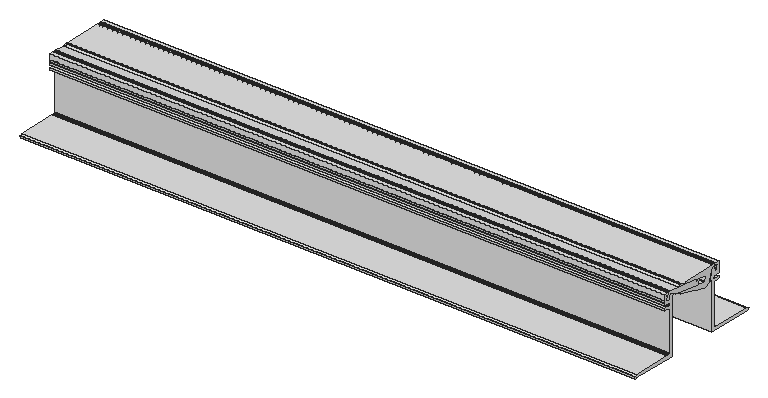
Revit family "Construction-Floors-Conecto-Aluminium Joints ALU AL.110.15", category Specialty Equipment, Revit 2015
Parameters (values of type "Aluminium Joints ALU AL.110.15.97")
  Youtube clip = ""
  Weight Net (Kg) = "0"
  Uniformat II Description = ""
  Uniformat II Code = ""
  Uniclass 2015 Name = "Roofs, floor and paving elements"
  Uniclass 2015 Code = "EF_30"
  Uniclass 2.0 Description = ""
  Uniclass 2.0 Code = ""
  Uniclass 1.4 Description = ""
  Uniclass 1.4 Code = ""
  UNSPSC Code = ""
  Technical description = "http://www.conecto-profiles.com/aluminium-joints/floor-joints/alu"
  Rubber Level = 0 mm
  Region South America = "None"
  Region Oceania = "None"
  Region North America = "None"
  Region Middle East = "None"
  Region Europe = "AD, AL, AT, AX, BA, BE, BG, BY, CH, CY, CZ, DE, DK, EE, ES, FI, FO, FR, GB, GG, GI, GR, HR, HU, IE, IM, IS, IT, JE, LI, LT, LU, LV, MC, MD, ME, MK, MT, NL, NO, PL, PT, RO, RS, RU, SE, SI, SJ, SK, SM, UA, VA"
  Region Asia = "None"
  Region Antarctica = "None"
  Region Africa = "None"
  QR code = "http://bimobject.com/conecto/product/110"
  Profile = Aluminium - CONECTO - Grey
  Product url = "http://www.conecto-profiles.com/aluminium-joints/floor-joints/alu"
  Product group = "Aluminum profiles"
  Product family = "Expansion profiles"
  Product data url = "https://bimobject.com/conecto/product/110"
  Product certification = ""
  Product SKU = "110"
  Product Guid = "a8f5ff3f-ce04-4fc9-affb-af9be4fd3c19"  # constant formula
  OmniClass Description = "Profiles"
  OmniClass Code = "23-13 17 00"
  Nominal width = 110 mm
  Nominal height = 0 mm
  NBS Reference Description = ""
  NBS Reference Code = ""
  N CV = no
  N = no
  Material secondary = ""
  Material main = "Aluminium"
  Masterformat 2014 Description = ""
  Masterformat 2014 Code = ""
  Manufacturer name = "Conecto"
  Manufacturer country = "Poland"
  Manufacturer = "Conecto"  # constant formula
  Length (mm) [instance] = [built-in parameter 1001306]  # 1000 mm
  built-in parameter 1001306 [instance] = 1000 mm
  Installation instructions = ""
  IFC Classification = "Building Element"
  GTIN code = ""
  Edition number = 1
  Design country = "Poland"
  Date of publishing = "10/18/2019"
  COBIe Type Category = ""
  Brand url = "http://www.profiledylatacyjne.com.pl/"
  BIMobject main category code = "construction"
  BIMobject main category = "Construction"
  BIMobject category code = "construction-floors"
  BIMobject category = "Decks, Slabs & Floors"
  97 CV = no
  97 = yes
  .87 CV = no
  .87 = no
  .77 CV = no
  .77 = no
  .62 CV = no
  .62 = no
  .52 CV = no
  .52 = no
  42 CV = no
  42 = no
  .30 CV = no
  .30 = no
  .22 CV = no
  .22 = no
  .15 CV = no
  .15 = no
  #CONST_.20-70 = 70 mm
  Void under Ref level [instance] = 10 mm
Reference planes
  plane 1 "Center (Front/Back)": y = 0
  plane 2: z = 0
  plane 3 "Left": x = 0
  plane 4 "Right": x = 1000
  plane 5: z = -10
  plane 6: z = 0
  plane 7: z = 4.5
Forms (mm)
  Extrusion 1, void
    sketch origin (0, 0, 0) x (0, 1, 0) y (0, 0, 1)
      loop
        line (47.009, 12.014) -> (-45.052, 12.014) -> (-45.052, -10) -> (47.009, -10) -> (47.009, 12.014)
    from 0 to 1000
Lines and regions (mm)
  reference lines
    curve 1: line (0, 0, 0) -> (1000, 0, 0)
Dimensions and locks
  "built-in parameter 1001306": plane 3 "Left" to plane 4 "Right"
  "Void under Ref level": plane 2 to plane 5
  "Rubber Level": plane 2 to plane 6
  aligned and locked: plane 4 "Right" to curve 1
  aligned and locked: plane 1 "Center (Front/Back)" to curve 1
  aligned and locked: plane 3 "Left" to curve 1
  aligned and locked: level to plane 2
  aligned and locked: plane 3 "Left" to nested 2
  aligned and locked: Extrusion 1 sketch curve to plane 5
  aligned and locked: Extrusion 1 to curve 1
Automatic sketch dimensions
  level to Extrusion 1 sketch curve = 12.014 mm
  plane 1 "Center (Front/Back)" to Extrusion 1 sketch curve = 45.052 mm
  Extrusion 1 sketch curve to plane 1 "Center (Front/Back)" = 47.009 mm
Nested families
  nested 1: "Standard" at (0, 0, 69.985), type "Standard"
  nested 2: "Rubber" at (0, 8.817, -9.595), type "Rubber"
  nested 3: "Standard" at (0, 0, 74.485), type "Standard", not visible
  nested 4: "Rubber" at (0, 8.817, -5.095), type "Rubber", not visible
Definition of nested family "Standard"
  Parameters (values of type "Standard")
    Space = 77.8 mm
    N CV = no
    N Base = or(N, N CV)  # no
    N = no
    Material = none
    Length = 1000 mm
    97 CV = no
    97 = yes
    87 CV = no
    87 = no
    77 CV = no
    77 = no
    62 CV = no
    62 = no
    52 CV = no
    .97 Base = or([97], [97 CV])  # yes
    .87 Base = or([87], [87 CV])  # no
    .77 Base = or([77], [77 CV])  # no
    .62 Base = or([62], [62 CV])  # no
    .52 Base = or([52], [52 CV])  # no
    52 = no
    42 CV = no
    .42 Base = or([42], [42 CV])  # no
    42 = no
    30 CV = no
    .15 Base = or([15], [15 CV])  # no
    .14 Base = or([30], [30 CV])  # no
    30 = no
    22 CV = no
    .22 Base = or([22], [22 CV])  # no
    22 = no
    15 CV = no
    .30 Base = or([30], [30 CV])  # no
    15 = no
  Reference planes
    plane 1 "Center (Front/Back)": y = 0
    plane 2: z = -84.674
    plane 3 "Center (Left/Right)": x = 0
    plane 4: x = 1000
    plane 5: y = -38.9
    plane 6: y = 38.9
    plane 7: z = 14.705
  Forms (mm)
    Extrusion 1, solid, material <- "Material", visible <- "97 CV"
      sketch origin (0, 265.991, -904.766) x (0, 1, 0) y (0, 0, 1)
        loop
          line (-209.273, 873.746) -> (-212.39, 873.746) -> (-212.39, 835.127) -> (-213.31, 834.792) -> (-217.177, 834.792) -> (-217.991, 834.496) -> (-218.068, 833.393) -> (-216.295, 831.491) -> (-215.767, 832.217) -> (-215.102, 832.736) -> (-214.17, 832.622) -> (-213.467, 831.722) -> (-213.117, 830.705) -> (-213.458, 829.814) -> (-214.266, 829.438) -> (-215.226, 829.573) -> (-215.226, 828.777) -> (-214.927, 827.908) -> (-214.87, 826.828) -> (-214.921, 825.864) -> (-215.061, 824.98) -> (-215.3, 824.148) -> (-215.759, 823.064) -> (-216.375, 822.529) -> (-219.602, 822.529) -> (-220.373, 823.216) -> (-220.153, 824.037) -> (-219.667, 824.758) -> (-219.315, 825.586) -> (-219.127, 826.401) -> (-219.18, 827.414) -> (-219.518, 828.454) -> (-219.975, 829.245) -> (-220.546, 829.816) -> (-221.2, 830.274) -> (-221.932, 830.57) -> (-222.773, 830.749) -> (-223.617, 830.749) -> (-224.398, 830.554) -> (-225.106, 830.209) -> (-225.771, 829.744) -> (-226.311, 829.144) -> (-226.776, 828.339) -> (-227.013, 827.513) -> (-227.073, 826.646) -> (-226.946, 825.742) -> (-226.608, 824.946) -> (-226.105, 824.227) -> (-221.316, 818.405) -> (-209.273, 818.405) -> (-209.273, 873.746)
      from 0 to 1000
    Extrusion 2, solid, material <- "Material", visible <- "87 CV"
      sketch origin (0, 265.988, -904.764) x (0, 1, 0) y (0, 0, 1)
        loop
          line (-209.273, 873.746) -> (-212.39, 873.746) -> (-212.39, 835.127) -> (-213.31, 834.792) -> (-217.177, 834.792) -> (-217.991, 834.496) -> (-218.068, 833.393) -> (-216.295, 831.491) -> (-215.767, 832.217) -> (-215.102, 832.736) -> (-214.17, 832.622) -> (-213.467, 831.722) -> (-213.117, 830.705) -> (-213.458, 829.814) -> (-214.266, 829.438) -> (-215.226, 829.573) -> (-215.226, 828.777) -> (-214.927, 827.908) -> (-214.87, 826.828) -> (-214.921, 825.864) -> (-215.061, 824.98) -> (-215.3, 824.148) -> (-215.759, 823.064) -> (-216.375, 822.529) -> (-219.602, 822.529) -> (-220.373, 823.216) -> (-220.153, 824.037) -> (-219.667, 824.758) -> (-219.315, 825.586) -> (-219.127, 826.401) -> (-219.18, 827.414) -> (-219.518, 828.454) -> (-219.975, 829.245) -> (-220.546, 829.816) -> (-221.2, 830.274) -> (-221.932, 830.57) -> (-222.773, 830.749) -> (-223.617, 830.749) -> (-224.398, 830.554) -> (-225.106, 830.209) -> (-225.771, 829.744) -> (-226.311, 829.144) -> (-226.776, 828.339) -> (-227.013, 827.513) -> (-227.073, 826.646) -> (-226.946, 825.742) -> (-226.608, 824.946) -> (-226.105, 824.227) -> (-221.316, 818.405) -> (-209.273, 818.405) -> (-209.273, 873.746)
      from 0 to 1000
    Extrusion 3, solid, material <- "Material", visible <- "77 CV"
      sketch origin (0, 265.99, -904.764) x (0, 1, 0) y (0, 0, 1)
        loop
          line (-209.273, 873.746) -> (-212.39, 873.746) -> (-212.39, 835.127) -> (-213.31, 834.792) -> (-217.177, 834.792) -> (-217.991, 834.496) -> (-218.068, 833.393) -> (-216.295, 831.491) -> (-215.767, 832.217) -> (-215.102, 832.736) -> (-214.17, 832.622) -> (-213.467, 831.722) -> (-213.117, 830.705) -> (-213.458, 829.814) -> (-214.266, 829.438) -> (-215.226, 829.573) -> (-215.226, 828.777) -> (-214.927, 827.908) -> (-214.87, 826.828) -> (-214.921, 825.864) -> (-215.061, 824.98) -> (-215.3, 824.148) -> (-215.759, 823.064) -> (-216.375, 822.529) -> (-219.602, 822.529) -> (-220.373, 823.216) -> (-220.153, 824.037) -> (-219.667, 824.758) -> (-219.315, 825.586) -> (-219.127, 826.401) -> (-219.18, 827.414) -> (-219.518, 828.454) -> (-219.975, 829.245) -> (-220.546, 829.816) -> (-221.2, 830.274) -> (-221.932, 830.57) -> (-222.773, 830.749) -> (-223.617, 830.749) -> (-224.398, 830.554) -> (-225.106, 830.209) -> (-225.771, 829.744) -> (-226.311, 829.144) -> (-226.776, 828.339) -> (-227.013, 827.513) -> (-227.073, 826.646) -> (-226.946, 825.742) -> (-226.608, 824.946) -> (-226.105, 824.227) -> (-221.316, 818.405) -> (-209.273, 818.405) -> (-209.273, 873.746)
      from 0 to 1000
    Extrusion 4, solid, material <- "Material", visible <- "62 CV"
      sketch origin (0, 265.99, -989.381) x (0, 1, 0) y (0, 0, 1)
        loop
          line (-209.273, 958.42) -> (-212.39, 958.42) -> (-212.39, 919.801) -> (-213.31, 919.466) -> (-217.177, 919.466) -> (-217.991, 919.17) -> (-218.068, 918.067) -> (-216.295, 916.165) -> (-215.767, 916.891) -> (-215.102, 917.41) -> (-214.17, 917.296) -> (-213.467, 916.395) -> (-213.117, 915.379) -> (-213.458, 914.488) -> (-214.266, 914.112) -> (-215.226, 914.247) -> (-215.226, 913.451) -> (-214.927, 912.582) -> (-214.87, 911.502) -> (-214.921, 910.538) -> (-215.061, 909.654) -> (-215.3, 908.822) -> (-215.759, 907.738) -> (-216.375, 907.203) -> (-219.602, 907.203) -> (-220.373, 907.89) -> (-220.153, 908.711) -> (-219.667, 909.431) -> (-219.315, 910.26) -> (-219.127, 911.075) -> (-219.18, 912.088) -> (-219.518, 913.128) -> (-219.975, 913.919) -> (-220.546, 914.49) -> (-221.2, 914.948) -> (-221.932, 915.244) -> (-222.773, 915.423) -> (-223.617, 915.423) -> (-224.398, 915.228) -> (-225.106, 914.883) -> (-225.771, 914.417) -> (-226.311, 913.818) -> (-226.776, 913.012) -> (-227.013, 912.187) -> (-227.073, 911.32) -> (-226.946, 910.416) -> (-226.608, 909.619) -> (-226.105, 908.901) -> (-221.316, 903.079) -> (-209.273, 903.079) -> (-209.273, 958.42)
      from 0 to 1000
    Extrusion 5, solid, material <- "Material", visible <- "52 CV"
      sketch origin (0, 265.991, -904.766) x (0, 1, 0) y (0, 0, 1)
        loop
          line (-209.273, 873.746) -> (-212.39, 873.746) -> (-212.39, 835.127) -> (-213.31, 834.792) -> (-217.177, 834.792) -> (-217.991, 834.496) -> (-218.068, 833.393) -> (-216.295, 831.491) -> (-215.767, 832.217) -> (-215.102, 832.736) -> (-214.17, 832.622) -> (-213.467, 831.722) -> (-213.117, 830.705) -> (-213.458, 829.814) -> (-214.266, 829.438) -> (-215.226, 829.573) -> (-215.226, 828.777) -> (-214.927, 827.908) -> (-214.87, 826.828) -> (-214.921, 825.864) -> (-215.061, 824.98) -> (-215.3, 824.148) -> (-215.759, 823.064) -> (-216.375, 822.529) -> (-219.602, 822.529) -> (-220.373, 823.216) -> (-220.153, 824.037) -> (-219.667, 824.758) -> (-219.315, 825.586) -> (-219.127, 826.401) -> (-219.18, 827.414) -> (-219.518, 828.454) -> (-219.975, 829.245) -> (-220.546, 829.816) -> (-221.2, 830.274) -> (-221.932, 830.57) -> (-222.773, 830.749) -> (-223.617, 830.749) -> (-224.398, 830.554) -> (-225.106, 830.209) -> (-225.771, 829.744) -> (-226.311, 829.144) -> (-226.776, 828.339) -> (-227.013, 827.513) -> (-227.073, 826.646) -> (-226.946, 825.742) -> (-226.608, 824.946) -> (-226.105, 824.227) -> (-221.316, 818.405) -> (-209.273, 818.405) -> (-209.273, 873.746)
      from 0 to 1000
    Extrusion 6, solid, material <- "Material", visible <- "42 CV"
      sketch origin (0, 265.988, -904.764) x (0, 1, 0) y (0, 0, 1)
        loop
          line (-209.273, 873.746) -> (-212.39, 873.746) -> (-212.39, 835.127) -> (-213.31, 834.792) -> (-217.177, 834.792) -> (-217.991, 834.496) -> (-218.068, 833.393) -> (-216.295, 831.491) -> (-215.767, 832.217) -> (-215.102, 832.736) -> (-214.17, 832.622) -> (-213.467, 831.722) -> (-213.117, 830.705) -> (-213.458, 829.814) -> (-214.266, 829.438) -> (-215.226, 829.573) -> (-215.226, 828.777) -> (-214.927, 827.908) -> (-214.87, 826.828) -> (-214.921, 825.864) -> (-215.061, 824.98) -> (-215.3, 824.148) -> (-215.759, 823.064) -> (-216.375, 822.529) -> (-219.602, 822.529) -> (-220.373, 823.216) -> (-220.153, 824.037) -> (-219.667, 824.758) -> (-219.315, 825.586) -> (-219.127, 826.401) -> (-219.18, 827.414) -> (-219.518, 828.454) -> (-219.975, 829.245) -> (-220.546, 829.816) -> (-221.2, 830.274) -> (-221.932, 830.57) -> (-222.773, 830.749) -> (-223.617, 830.749) -> (-224.398, 830.554) -> (-225.106, 830.209) -> (-225.771, 829.744) -> (-226.311, 829.144) -> (-226.776, 828.339) -> (-227.013, 827.513) -> (-227.073, 826.646) -> (-226.946, 825.742) -> (-226.608, 824.946) -> (-226.105, 824.227) -> (-221.316, 818.405) -> (-209.273, 818.405) -> (-209.273, 873.746)
      from 0 to 1000
    Extrusion 7, solid, material <- "Material", visible <- "30 CV"
      sketch origin (0, 265.99, -904.764) x (0, 1, 0) y (0, 0, 1)
        loop
          line (-209.273, 873.746) -> (-212.39, 873.746) -> (-212.39, 835.127) -> (-213.31, 834.792) -> (-217.177, 834.792) -> (-217.991, 834.496) -> (-218.068, 833.393) -> (-216.295, 831.491) -> (-215.767, 832.217) -> (-215.102, 832.736) -> (-214.17, 832.622) -> (-213.467, 831.722) -> (-213.117, 830.705) -> (-213.458, 829.814) -> (-214.266, 829.438) -> (-215.226, 829.573) -> (-215.226, 828.777) -> (-214.927, 827.908) -> (-214.87, 826.828) -> (-214.921, 825.864) -> (-215.061, 824.98) -> (-215.3, 824.148) -> (-215.759, 823.064) -> (-216.375, 822.529) -> (-219.602, 822.529) -> (-220.373, 823.216) -> (-220.153, 824.037) -> (-219.667, 824.758) -> (-219.315, 825.586) -> (-219.127, 826.401) -> (-219.18, 827.414) -> (-219.518, 828.454) -> (-219.975, 829.245) -> (-220.546, 829.816) -> (-221.2, 830.274) -> (-221.932, 830.57) -> (-222.773, 830.749) -> (-223.617, 830.749) -> (-224.398, 830.554) -> (-225.106, 830.209) -> (-225.771, 829.744) -> (-226.311, 829.144) -> (-226.776, 828.339) -> (-227.013, 827.513) -> (-227.073, 826.646) -> (-226.946, 825.742) -> (-226.608, 824.946) -> (-226.105, 824.227) -> (-221.316, 818.405) -> (-209.273, 818.405) -> (-209.273, 873.746)
      from 0 to 1000
    Extrusion 8, solid, material <- "Material", visible <- "22 CV"
      sketch origin (0, 265.99, -989.381) x (0, 1, 0) y (0, 0, 1)
        loop
          line (-209.273, 958.42) -> (-212.39, 958.42) -> (-212.39, 919.801) -> (-213.31, 919.466) -> (-217.177, 919.466) -> (-217.991, 919.17) -> (-218.068, 918.067) -> (-216.295, 916.165) -> (-215.767, 916.891) -> (-215.102, 917.41) -> (-214.17, 917.296) -> (-213.467, 916.395) -> (-213.117, 915.379) -> (-213.458, 914.488) -> (-214.266, 914.112) -> (-215.226, 914.247) -> (-215.226, 913.451) -> (-214.927, 912.582) -> (-214.87, 911.502) -> (-214.921, 910.538) -> (-215.061, 909.654) -> (-215.3, 908.822) -> (-215.759, 907.738) -> (-216.375, 907.203) -> (-219.602, 907.203) -> (-220.373, 907.89) -> (-220.153, 908.711) -> (-219.667, 909.431) -> (-219.315, 910.26) -> (-219.127, 911.075) -> (-219.18, 912.088) -> (-219.518, 913.128) -> (-219.975, 913.919) -> (-220.546, 914.49) -> (-221.2, 914.948) -> (-221.932, 915.244) -> (-222.773, 915.423) -> (-223.617, 915.423) -> (-224.398, 915.228) -> (-225.106, 914.883) -> (-225.771, 914.417) -> (-226.311, 913.818) -> (-226.776, 913.012) -> (-227.013, 912.187) -> (-227.073, 911.32) -> (-226.946, 910.416) -> (-226.608, 909.619) -> (-226.105, 908.901) -> (-221.316, 903.079) -> (-209.273, 903.079) -> (-209.273, 958.42)
      from 0 to 1000
    Extrusion 9, solid, material <- "Material", visible <- "15 CV"
      sketch origin (0, 265.976, -904.758) x (0, 1, 0) y (0, 0, 1)
        loop
          line (-209.273, 873.746) -> (-212.39, 873.746) -> (-212.39, 835.127) -> (-213.31, 834.792) -> (-217.177, 834.792) -> (-217.991, 834.496) -> (-218.068, 833.393) -> (-216.295, 831.491) -> (-215.767, 832.217) -> (-215.102, 832.736) -> (-214.17, 832.622) -> (-213.467, 831.722) -> (-213.117, 830.705) -> (-213.458, 829.814) -> (-214.266, 829.438) -> (-215.226, 829.573) -> (-215.226, 828.777) -> (-214.927, 827.908) -> (-214.87, 826.828) -> (-214.921, 825.864) -> (-215.061, 824.98) -> (-215.3, 824.148) -> (-215.759, 823.064) -> (-216.375, 822.529) -> (-219.602, 822.529) -> (-220.373, 823.216) -> (-220.153, 824.037) -> (-219.667, 824.758) -> (-219.315, 825.586) -> (-219.127, 826.401) -> (-219.18, 827.414) -> (-219.518, 828.454) -> (-219.975, 829.245) -> (-220.546, 829.816) -> (-221.2, 830.274) -> (-221.932, 830.57) -> (-222.773, 830.749) -> (-223.617, 830.749) -> (-224.398, 830.554) -> (-225.106, 830.209) -> (-225.771, 829.744) -> (-226.311, 829.144) -> (-226.776, 828.339) -> (-227.013, 827.513) -> (-227.073, 826.646) -> (-226.946, 825.742) -> (-226.608, 824.946) -> (-226.105, 824.227) -> (-221.316, 818.405) -> (-209.273, 818.405) -> (-209.273, 873.746)
      from 0 to 1000
    Extrusion 10, solid, material <- "Material", visible <- "N CV"
      sketch origin (0, 265.973, -904.756) x (0, 1, 0) y (0, 0, 1)
        loop
          line (-209.273, 873.746) -> (-212.39, 873.746) -> (-212.39, 835.127) -> (-213.31, 834.792) -> (-217.177, 834.792) -> (-217.991, 834.496) -> (-218.068, 833.393) -> (-216.295, 831.491) -> (-215.767, 832.217) -> (-215.102, 832.736) -> (-214.17, 832.622) -> (-213.467, 831.722) -> (-213.117, 830.705) -> (-213.458, 829.814) -> (-214.266, 829.438) -> (-215.226, 829.573) -> (-215.226, 828.777) -> (-214.927, 827.908) -> (-214.87, 826.828) -> (-214.921, 825.864) -> (-215.061, 824.98) -> (-215.3, 824.148) -> (-215.759, 823.064) -> (-216.375, 822.529) -> (-219.602, 822.529) -> (-220.373, 823.216) -> (-220.153, 824.037) -> (-219.667, 824.758) -> (-219.315, 825.586) -> (-219.127, 826.401) -> (-219.18, 827.414) -> (-219.518, 828.454) -> (-219.975, 829.245) -> (-220.546, 829.816) -> (-221.2, 830.274) -> (-221.932, 830.57) -> (-222.773, 830.749) -> (-223.617, 830.749) -> (-224.398, 830.554) -> (-225.106, 830.209) -> (-225.771, 829.744) -> (-226.311, 829.144) -> (-226.776, 828.339) -> (-227.013, 827.513) -> (-227.073, 826.646) -> (-226.946, 825.742) -> (-226.608, 824.946) -> (-226.105, 824.227) -> (-221.316, 818.405) -> (-209.273, 818.405) -> (-209.273, 873.746)
      from 0 to 1000
    Extrusion 11, solid, material <- "Material", visible <- ".97 Base"
      sketch origin (0, 265.433, 968.395) x (0, 1, 0) y (0, 0, 1)
        loop
          line (-320.749, -1038.38) -> (-320.749, -1047.322) -> (-319.805, -1051.761) -> (-320.716, -1052.847) -> (-320.716, -1055.109) -> (-314.223, -1055.109) -> (-313.396, -1054.612) -> (-312.609, -1054.386) -> (-311.72, -1054.386) -> (-310.843, -1054.688) -> (-310.214, -1055.162) -> (-309.691, -1055.764) -> (-309.344, -1056.543) -> (-309.259, -1057.347) -> (-309.33, -1058.158) -> (-309.815, -1059.151) -> (-310.536, -1059.824) -> (-311.25, -1060.204) -> (-312.025, -1060.354) -> (-312.813, -1060.285) -> (-313.588, -1060.033) -> (-314.195, -1059.542) -> (-315.103, -1059.606) -> (-320.758, -1059.606) -> (-320.758, -1062.159) -> (-318.458, -1062.564) -> (-310.758, -1063.974) -> (-310.485, -1064.768) -> (-310.485, -1128.086) -> (-310.903, -1129.646) -> (-311.673, -1130.564) -> (-313.377, -1131.151) -> (-315.531, -1130.848) -> (-377.807, -1130.848) -> (-379.885, -1132.048) -> (-380.57, -1132.732) -> (-380.436, -1134.643) -> (-379.611, -1135.222) -> (-378.186, -1135.396) -> (-306.358, -1135.396) -> (-306.358, -1061.81) -> (-305.223, -1058.514) -> (-305.223, -1055.983) -> (-306.358, -1052.687) -> (-306.358, -1047.26) -> (-305.702, -1046.389) -> (-304.442, -1046.389) -> (-304.442, -1045.229) -> (-305.223, -1043.929) -> (-306.069, -1043.219) -> (-306.879, -1042.714) -> (-307.711, -1042.506) -> (-308.642, -1042.408) -> (-309.553, -1042.552) -> (-310.475, -1042.925) -> (-311.251, -1043.624) -> (-311.908, -1044.353) -> (-312.286, -1045.164) -> (-312.441, -1045.963) -> (-312.441, -1047.063) -> (-312.183, -1047.858) -> (-311.695, -1048.776) -> (-311.21, -1049.688) -> (-311.508, -1050.426) -> (-312.25, -1050.741) -> (-314.895, -1050.741) -> (-315.614, -1050.358) -> (-316.105, -1049.435) -> (-316.454, -1048.361) -> (-316.699, -1046.361) -> (-316.603, -1045.256) -> (-316.294, -1043.667) -> (-317.125, -1043.667) -> (-317.911, -1043.486) -> (-318.409, -1042.847) -> (-318.382, -1042.061) -> (-317.545, -1040.668) -> (-316.771, -1040.431) -> (-315.993, -1040.699) -> (-315.296, -1041.772) -> (-314.701, -1041.037) -> (-313.816, -1040.152) -> (-313.356, -1039.387) -> (-313.961, -1038.38) -> (-320.749, -1038.38)
      from 0 to 1000
    Extrusion 12, solid, material <- "Material", visible <- ".87 Base"
      sketch origin (0, 265.433, 968.395) x (0, 1, 0) y (0, 0, 1)
        loop
          line (-320.749, -1038.38) -> (-320.749, -1047.322) -> (-319.805, -1051.761) -> (-320.716, -1052.847) -> (-320.716, -1055.109) -> (-314.223, -1055.109) -> (-313.396, -1054.612) -> (-312.609, -1054.386) -> (-311.72, -1054.386) -> (-310.843, -1054.688) -> (-310.214, -1055.162) -> (-309.691, -1055.764) -> (-309.344, -1056.543) -> (-309.259, -1057.347) -> (-309.33, -1058.158) -> (-309.815, -1059.151) -> (-310.536, -1059.824) -> (-311.25, -1060.204) -> (-312.025, -1060.354) -> (-312.813, -1060.285) -> (-313.588, -1060.033) -> (-314.195, -1059.542) -> (-315.103, -1059.606) -> (-320.758, -1059.606) -> (-320.758, -1062.159) -> (-318.458, -1062.564) -> (-310.758, -1063.974) -> (-310.485, -1064.768) -> (-310.485, -1117.856) -> (-310.923, -1119.493) -> (-313.038, -1120.714) -> (-377.815, -1120.714) -> (-379.885, -1121.909) -> (-380.57, -1122.594) -> (-380.436, -1124.505) -> (-379.611, -1125.083) -> (-378.186, -1125.258) -> (-306.358, -1125.258) -> (-306.358, -1061.81) -> (-305.223, -1058.514) -> (-305.223, -1055.983) -> (-306.358, -1052.687) -> (-306.358, -1047.26) -> (-305.702, -1046.389) -> (-304.442, -1046.389) -> (-304.442, -1045.229) -> (-305.223, -1043.929) -> (-306.069, -1043.219) -> (-306.879, -1042.714) -> (-307.711, -1042.506) -> (-308.642, -1042.408) -> (-309.553, -1042.552) -> (-310.475, -1042.925) -> (-311.251, -1043.624) -> (-311.908, -1044.353) -> (-312.286, -1045.164) -> (-312.441, -1045.963) -> (-312.441, -1047.063) -> (-312.183, -1047.858) -> (-311.695, -1048.776) -> (-311.21, -1049.688) -> (-311.508, -1050.426) -> (-312.25, -1050.741) -> (-314.895, -1050.741) -> (-315.614, -1050.358) -> (-316.105, -1049.435) -> (-316.454, -1048.361) -> (-316.699, -1046.361) -> (-316.603, -1045.256) -> (-316.294, -1043.667) -> (-317.125, -1043.667) -> (-317.911, -1043.486) -> (-318.409, -1042.847) -> (-318.382, -1042.061) -> (-317.545, -1040.668) -> (-316.771, -1040.431) -> (-315.993, -1040.699) -> (-315.296, -1041.772) -> (-314.701, -1041.037) -> (-313.816, -1040.152) -> (-313.356, -1039.387) -> (-313.961, -1038.38) -> (-320.749, -1038.38)
      from 0 to 1000
    Extrusion 13, solid, material <- "Material", visible <- ".77 Base"
      sketch origin (0, 265.433, 968.395) x (0, 1, 0) y (0, 0, 1)
        loop
          line (-320.749, -1038.38) -> (-320.749, -1047.322) -> (-319.805, -1051.761) -> (-320.716, -1052.847) -> (-320.716, -1055.109) -> (-314.223, -1055.109) -> (-313.396, -1054.612) -> (-312.609, -1054.386) -> (-311.72, -1054.386) -> (-310.843, -1054.688) -> (-310.214, -1055.162) -> (-309.691, -1055.764) -> (-309.344, -1056.543) -> (-309.259, -1057.347) -> (-309.33, -1058.158) -> (-309.815, -1059.151) -> (-310.536, -1059.824) -> (-311.25, -1060.204) -> (-312.025, -1060.354) -> (-312.813, -1060.285) -> (-313.588, -1060.033) -> (-314.195, -1059.542) -> (-315.103, -1059.606) -> (-320.758, -1059.606) -> (-320.758, -1062.159) -> (-318.458, -1062.564) -> (-310.758, -1063.974) -> (-310.485, -1064.768) -> (-310.485, -1109.136) -> (-311.416, -1110.285) -> (-312.741, -1110.99) -> (-315.548, -1110.793) -> (-377.782, -1110.793) -> (-379.985, -1112.065) -> (-380.669, -1112.75) -> (-380.536, -1114.661) -> (-379.71, -1115.239) -> (-378.285, -1115.414) -> (-306.358, -1115.414) -> (-306.358, -1061.81) -> (-305.223, -1058.514) -> (-305.223, -1055.983) -> (-306.358, -1052.687) -> (-306.358, -1047.26) -> (-305.702, -1046.389) -> (-304.442, -1046.389) -> (-304.442, -1045.229) -> (-305.223, -1043.929) -> (-306.069, -1043.219) -> (-306.879, -1042.714) -> (-307.711, -1042.506) -> (-308.642, -1042.408) -> (-309.553, -1042.552) -> (-310.475, -1042.925) -> (-311.251, -1043.624) -> (-311.908, -1044.353) -> (-312.286, -1045.164) -> (-312.441, -1045.963) -> (-312.441, -1047.063) -> (-312.183, -1047.858) -> (-311.695, -1048.776) -> (-311.21, -1049.688) -> (-311.508, -1050.426) -> (-312.25, -1050.741) -> (-314.895, -1050.741) -> (-315.614, -1050.358) -> (-316.105, -1049.435) -> (-316.454, -1048.361) -> (-316.699, -1046.361) -> (-316.603, -1045.256) -> (-316.294, -1043.667) -> (-317.125, -1043.667) -> (-317.911, -1043.486) -> (-318.409, -1042.847) -> (-318.382, -1042.061) -> (-317.545, -1040.668) -> (-316.771, -1040.431) -> (-315.993, -1040.699) -> (-315.296, -1041.772) -> (-314.701, -1041.037) -> (-313.816, -1040.152) -> (-313.356, -1039.387) -> (-313.961, -1038.38) -> (-320.749, -1038.38)
      from 0 to 1000
    Extrusion 14, solid, material <- "Material", visible <- ".62 Base"
      sketch origin (0, 265.434, 968.395) x (0, 1, 0) y (0, 0, 1)
        loop
          line (-320.749, -1038.38) -> (-320.749, -1047.322) -> (-319.805, -1051.761) -> (-320.716, -1052.847) -> (-320.716, -1055.109) -> (-314.223, -1055.109) -> (-313.396, -1054.612) -> (-312.609, -1054.386) -> (-311.72, -1054.386) -> (-310.843, -1054.688) -> (-310.214, -1055.162) -> (-309.691, -1055.764) -> (-309.344, -1056.543) -> (-309.259, -1057.347) -> (-309.33, -1058.158) -> (-309.815, -1059.151) -> (-310.536, -1059.824) -> (-311.25, -1060.204) -> (-312.025, -1060.354) -> (-312.813, -1060.285) -> (-313.588, -1060.033) -> (-314.195, -1059.542) -> (-315.103, -1059.606) -> (-320.758, -1059.606) -> (-320.758, -1062.159) -> (-318.458, -1062.564) -> (-310.758, -1063.974) -> (-310.485, -1064.768) -> (-310.485, -1093.653) -> (-310.881, -1094.742) -> (-311.616, -1095.619) -> (-312.968, -1096.11) -> (-313.756, -1096.179) -> (-315.445, -1095.912) -> (-377.847, -1095.912) -> (-379.91, -1097.103) -> (-380.594, -1097.787) -> (-380.461, -1099.698) -> (-379.635, -1100.277) -> (-378.21, -1100.452) -> (-306.358, -1100.452) -> (-306.358, -1061.81) -> (-305.223, -1058.514) -> (-305.223, -1055.983) -> (-306.358, -1052.687) -> (-306.358, -1047.26) -> (-305.702, -1046.389) -> (-304.442, -1046.389) -> (-304.442, -1045.229) -> (-305.223, -1043.929) -> (-306.069, -1043.219) -> (-306.879, -1042.714) -> (-307.711, -1042.506) -> (-308.642, -1042.408) -> (-309.553, -1042.552) -> (-310.475, -1042.925) -> (-311.251, -1043.624) -> (-311.908, -1044.353) -> (-312.286, -1045.164) -> (-312.441, -1045.963) -> (-312.441, -1047.063) -> (-312.183, -1047.858) -> (-311.695, -1048.776) -> (-311.21, -1049.688) -> (-311.508, -1050.426) -> (-312.25, -1050.741) -> (-314.895, -1050.741) -> (-315.614, -1050.358) -> (-316.105, -1049.435) -> (-316.454, -1048.361) -> (-316.699, -1046.361) -> (-316.603, -1045.256) -> (-316.294, -1043.667) -> (-317.125, -1043.667) -> (-317.911, -1043.486) -> (-318.409, -1042.847) -> (-318.382, -1042.061) -> (-317.545, -1040.668) -> (-316.771, -1040.431) -> (-315.993, -1040.699) -> (-315.296, -1041.772) -> (-314.701, -1041.037) -> (-313.816, -1040.152) -> (-313.356, -1039.387) -> (-313.961, -1038.38) -> (-320.749, -1038.38)
      from 0 to 1000
    Extrusion 15, solid, material <- "Material", visible <- ".52 Base"
      sketch origin (0, 265.433, 968.395) x (0, 1, 0) y (0, 0, 1)
        loop
          line (-320.749, -1038.38) -> (-320.749, -1047.322) -> (-319.805, -1051.761) -> (-320.716, -1052.847) -> (-320.716, -1055.109) -> (-314.223, -1055.109) -> (-313.396, -1054.612) -> (-312.609, -1054.386) -> (-311.72, -1054.386) -> (-310.843, -1054.688) -> (-310.214, -1055.162) -> (-309.691, -1055.764) -> (-309.344, -1056.543) -> (-309.259, -1057.347) -> (-309.33, -1058.158) -> (-309.815, -1059.151) -> (-310.536, -1059.824) -> (-311.25, -1060.204) -> (-312.025, -1060.354) -> (-312.813, -1060.285) -> (-313.588, -1060.033) -> (-314.195, -1059.542) -> (-315.103, -1059.606) -> (-320.758, -1059.606) -> (-320.758, -1062.159) -> (-318.458, -1062.564) -> (-310.758, -1063.974) -> (-310.485, -1064.768) -> (-310.485, -1083.114) -> (-311.252, -1085.013) -> (-312.303, -1085.895) -> (-314.599, -1086.136) -> (-315.552, -1085.881) -> (-377.856, -1085.881) -> (-379.91, -1087.067) -> (-380.594, -1087.751) -> (-380.461, -1089.662) -> (-379.635, -1090.24) -> (-378.21, -1090.415) -> (-306.358, -1090.415) -> (-306.358, -1061.81) -> (-305.223, -1058.514) -> (-305.223, -1055.983) -> (-306.358, -1052.687) -> (-306.358, -1047.26) -> (-305.702, -1046.389) -> (-304.442, -1046.389) -> (-304.442, -1045.229) -> (-305.223, -1043.929) -> (-306.069, -1043.219) -> (-306.879, -1042.714) -> (-307.711, -1042.506) -> (-308.642, -1042.408) -> (-309.553, -1042.552) -> (-310.475, -1042.925) -> (-311.251, -1043.624) -> (-311.908, -1044.353) -> (-312.286, -1045.164) -> (-312.441, -1045.963) -> (-312.441, -1047.063) -> (-312.183, -1047.858) -> (-311.695, -1048.776) -> (-311.21, -1049.688) -> (-311.508, -1050.426) -> (-312.25, -1050.741) -> (-314.895, -1050.741) -> (-315.614, -1050.358) -> (-316.105, -1049.435) -> (-316.454, -1048.361) -> (-316.699, -1046.361) -> (-316.603, -1045.256) -> (-316.294, -1043.667) -> (-317.125, -1043.667) -> (-317.911, -1043.486) -> (-318.409, -1042.847) -> (-318.382, -1042.061) -> (-317.545, -1040.668) -> (-316.771, -1040.431) -> (-315.993, -1040.699) -> (-315.296, -1041.772) -> (-314.701, -1041.037) -> (-313.816, -1040.152) -> (-313.356, -1039.387) -> (-313.961, -1038.38) -> (-320.749, -1038.38)
      from 0 to 1000
    Extrusion 16, solid, material <- "Material", visible <- ".42 Base"
      sketch origin (0, 265.415, 968.416) x (0, 1, 0) y (0, 0, 1)
        loop
          line (-320.749, -1038.38) -> (-320.749, -1047.322) -> (-319.805, -1051.761) -> (-320.716, -1052.847) -> (-320.716, -1055.109) -> (-314.223, -1055.109) -> (-313.396, -1054.612) -> (-312.609, -1054.386) -> (-311.72, -1054.386) -> (-310.843, -1054.688) -> (-310.214, -1055.162) -> (-309.691, -1055.764) -> (-309.344, -1056.543) -> (-309.259, -1057.347) -> (-309.33, -1058.158) -> (-309.815, -1059.151) -> (-310.536, -1059.824) -> (-311.25, -1060.204) -> (-312.025, -1060.354) -> (-312.813, -1060.285) -> (-313.588, -1060.033) -> (-314.195, -1059.542) -> (-315.103, -1059.606) -> (-320.758, -1059.606) -> (-320.758, -1062.159) -> (-318.458, -1062.564) -> (-310.758, -1063.974) -> (-310.485, -1064.768) -> (-310.485, -1073.423) -> (-310.861, -1074.456) -> (-311.75, -1075.515) -> (-312.767, -1075.885) -> (-314.099, -1076.002) -> (-315.493, -1075.756) -> (-377.863, -1075.756) -> (-379.91, -1076.938) -> (-380.594, -1077.622) -> (-380.461, -1079.533) -> (-379.635, -1080.111) -> (-378.21, -1080.286) -> (-306.358, -1080.286) -> (-306.358, -1061.81) -> (-305.223, -1058.514) -> (-305.223, -1055.983) -> (-306.358, -1052.687) -> (-306.358, -1047.26) -> (-305.702, -1046.389) -> (-304.442, -1046.389) -> (-304.442, -1045.229) -> (-305.223, -1043.929) -> (-306.069, -1043.219) -> (-306.879, -1042.714) -> (-307.711, -1042.506) -> (-308.642, -1042.408) -> (-309.553, -1042.552) -> (-310.475, -1042.925) -> (-311.251, -1043.624) -> (-311.908, -1044.353) -> (-312.286, -1045.164) -> (-312.441, -1045.963) -> (-312.441, -1047.063) -> (-312.183, -1047.858) -> (-311.695, -1048.776) -> (-311.21, -1049.688) -> (-311.508, -1050.426) -> (-312.25, -1050.741) -> (-314.895, -1050.741) -> (-315.614, -1050.358) -> (-316.105, -1049.435) -> (-316.454, -1048.361) -> (-316.699, -1046.361) -> (-316.603, -1045.256) -> (-316.294, -1043.667) -> (-317.125, -1043.667) -> (-317.911, -1043.486) -> (-318.409, -1042.847) -> (-318.382, -1042.061) -> (-317.545, -1040.668) -> (-316.771, -1040.431) -> (-315.993, -1040.699) -> (-315.296, -1041.772) -> (-314.701, -1041.037) -> (-313.816, -1040.152) -> (-313.356, -1039.387) -> (-313.961, -1038.38) -> (-320.749, -1038.38)
      from 0 to 1000
    Extrusion 17, solid, material <- "Material", visible <- "N Base"
      sketch origin (0, 265.489, -904.847) x (0, 1, 0) y (0, 0, 1)
        loop
          line (-313.581, 834.863) -> (-381.549, 834.863) -> (-389.344, 830.362) -> (-326.817, 830.362) -> (-324.794, 830.362) -> (-323.681, 830.323) -> (-322.619, 829.936) -> (-321.844, 829.394) -> (-321.115, 828.391) -> (-320.809, 827.161) -> (-320.51, 823.75) -> (-319.679, 821.583) -> (-317.736, 817.416) -> (-316.938, 817.061) -> (-305.061, 817.061) -> (-304.4, 817.82) -> (-304.4, 826.756) -> (-304.717, 828.385) -> (-305.397, 829.356) -> (-306.374, 830.205) -> (-307.392, 830.68) -> (-308.394, 830.785) -> (-309.556, 830.683) -> (-310.401, 830.289) -> (-311.41, 829.501) -> (-311.926, 828.764) -> (-312.216, 827.969) -> (-312.447, 827.04) -> (-312.371, 826.162) -> (-311.998, 824.942) -> (-311.362, 824.035) -> (-311.202, 823.211) -> (-311.827, 822.492) -> (-314.893, 822.492) -> (-315.658, 822.833) -> (-316.187, 823.966) -> (-316.698, 826.595) -> (-316.523, 828.262) -> (-316.282, 829.501) -> (-317.32, 829.501) -> (-318.053, 829.924) -> (-318.402, 830.672) -> (-318.158, 831.581) -> (-317.496, 832.527) -> (-316.393, 832.643) -> (-315.696, 832.156) -> (-315.317, 831.342) -> (-313.411, 833.248) -> (-313.581, 834.863)
      from 0 to 1000
    Extrusion 18, solid, material <- "Material", visible <- ".15 Base"
      sketch origin (0, 265.412, -730.453) x (0, 1, 0) y (0, 0, 1)
        loop
          line (-313.513, 660.485) -> (-320.737, 660.485) -> (-320.737, 648.965) -> (-321.113, 648.256) -> (-321.888, 648.004) -> (-375.114, 648.004) -> (-376.168, 647.893) -> (-378.266, 647.13) -> (-378.696, 646.442) -> (-377.759, 645.504) -> (-304.554, 645.504) -> (-304.554, 653.116) -> (-304.954, 654.214) -> (-305.673, 655.364) -> (-306.587, 656.005) -> (-307.319, 656.286) -> (-308.099, 656.451) -> (-308.932, 656.422) -> (-309.739, 656.265) -> (-310.47, 655.955) -> (-311.204, 655.46) -> (-311.744, 654.839) -> (-312.33, 653.737) -> (-312.519, 652.847) -> (-312.451, 652.062) -> (-312.318, 651.228) -> (-311.762, 650.265) -> (-311.295, 649.621) -> (-311.295, 648.739) -> (-311.886, 648.207) -> (-315.292, 648.207) -> (-315.882, 648.737) -> (-316.473, 650.323) -> (-316.745, 652.511) -> (-316.638, 653.531) -> (-316.455, 654.468) -> (-316.357, 655.266) -> (-317.765, 655.266) -> (-318.388, 655.889) -> (-318.453, 656.819) -> (-317.968, 657.859) -> (-316.862, 658.497) -> (-315.809, 658.006) -> (-315.477, 657.095) -> (-313.513, 659.059) -> (-313.513, 660.485)
      from 0 to 1000
    Extrusion 19, solid, material <- "Material", visible <- ".22 Base"
      sketch origin (0, 265.432, -730.454) x (0, 1, 0) y (0, 0, 1)
        loop
          line (-313.513, 660.485) -> (-320.737, 660.485) -> (-320.737, 644.236) -> (-321.113, 643.527) -> (-321.888, 643.275) -> (-375.114, 643.275) -> (-376.168, 643.165) -> (-378.266, 642.401) -> (-378.696, 641.713) -> (-378.696, 638.659) -> (-315.268, 638.659) -> (-315.268, 639.488) -> (-315.802, 640.197) -> (-316.106, 640.99) -> (-316.208, 641.817) -> (-315.917, 643.078) -> (-315.343, 643.812) -> (-314.564, 644.378) -> (-313.213, 644.69) -> (-311.816, 644.342) -> (-310.752, 643.48) -> (-310.228, 641.866) -> (-310.477, 640.453) -> (-311.17, 639.596) -> (-311.055, 638.666) -> (-304.554, 638.666) -> (-304.554, 645.504) -> (-304.554, 653.116) -> (-304.954, 654.214) -> (-305.673, 655.364) -> (-306.587, 656.005) -> (-307.319, 656.286) -> (-308.099, 656.451) -> (-308.932, 656.422) -> (-309.739, 656.265) -> (-310.47, 655.955) -> (-311.204, 655.46) -> (-311.744, 654.839) -> (-312.33, 653.737) -> (-312.519, 652.847) -> (-312.451, 652.062) -> (-312.318, 651.228) -> (-311.762, 650.265) -> (-311.295, 649.621) -> (-311.295, 648.739) -> (-311.886, 648.207) -> (-315.292, 648.207) -> (-315.882, 648.737) -> (-316.473, 650.323) -> (-316.745, 652.511) -> (-316.638, 653.531) -> (-316.455, 654.468) -> (-316.357, 655.266) -> (-317.765, 655.266) -> (-318.388, 655.889) -> (-318.453, 656.819) -> (-317.968, 657.859) -> (-316.862, 658.497) -> (-315.809, 658.006) -> (-315.477, 657.095) -> (-313.513, 659.059) -> (-313.513, 660.485)
      from 0 to 1000
    Extrusion 20, solid, material <- "Material", visible <- ".30 Base"
      sketch origin (0, 265.421, -730.469) x (0, 1, 0) y (0, 0, 1)
        loop
          line (-313.513, 660.485) -> (-320.737, 660.485) -> (-320.737, 650.485) -> (-317.294, 642.375) -> (-316.14, 642.518) -> (-313.621, 643.587) -> (-311.535, 643.144) -> (-310.609, 642.446) -> (-309.955, 641.512) -> (-309.499, 640.438) -> (-309.499, 638.821) -> (-310.215, 637.215) -> (-311.154, 636.275) -> (-312.284, 635.699) -> (-313.465, 635.554) -> (-314.698, 635.706) -> (-315.606, 636.168) -> (-316.231, 636.64) -> (-317.035, 636.64) -> (-320.306, 635.114) -> (-374.912, 635.114) -> (-376.766, 634.512) -> (-378.546, 633.484) -> (-378.546, 631.009) -> (-377.797, 630.66) -> (-376.26, 630.498) -> (-304.554, 630.498) -> (-304.554, 645.504) -> (-304.554, 653.116) -> (-304.954, 654.214) -> (-305.673, 655.364) -> (-306.587, 656.005) -> (-307.319, 656.286) -> (-308.099, 656.451) -> (-308.932, 656.422) -> (-309.739, 656.265) -> (-310.47, 655.955) -> (-311.204, 655.46) -> (-311.744, 654.839) -> (-312.33, 653.737) -> (-312.519, 652.847) -> (-312.451, 652.062) -> (-312.318, 651.228) -> (-311.762, 650.265) -> (-311.295, 649.621) -> (-311.295, 648.739) -> (-311.886, 648.207) -> (-315.292, 648.207) -> (-315.882, 648.737) -> (-316.473, 650.323) -> (-316.745, 652.511) -> (-316.638, 653.531) -> (-316.455, 654.468) -> (-316.357, 655.266) -> (-317.765, 655.266) -> (-318.388, 655.889) -> (-318.453, 656.819) -> (-317.968, 657.859) -> (-316.862, 658.497) -> (-315.809, 658.006) -> (-315.477, 657.095) -> (-313.513, 659.059) -> (-313.513, 660.485)
      from 0 to 1000
    Extrusion 21, solid, material <- "Material", visible <- "97"
      sketch origin (0, -265.433, 968.395) x (0, -1, 0) y (0, 0, -1)
        loop
          line (-320.749, 1038.38) -> (-313.961, 1038.38) -> (-313.356, 1039.387) -> (-313.816, 1040.152) -> (-314.701, 1041.037) -> (-315.296, 1041.772) -> (-315.993, 1040.699) -> (-316.771, 1040.431) -> (-317.545, 1040.668) -> (-318.382, 1042.061) -> (-318.409, 1042.847) -> (-317.911, 1043.486) -> (-317.125, 1043.667) -> (-316.294, 1043.667) -> (-316.603, 1045.256) -> (-316.699, 1046.361) -> (-316.454, 1048.361) -> (-316.105, 1049.435) -> (-315.614, 1050.358) -> (-314.895, 1050.741) -> (-312.25, 1050.741) -> (-311.508, 1050.426) -> (-311.21, 1049.688) -> (-311.695, 1048.776) -> (-312.183, 1047.858) -> (-312.441, 1047.063) -> (-312.441, 1045.963) -> (-312.286, 1045.164) -> (-311.908, 1044.353) -> (-311.251, 1043.624) -> (-310.475, 1042.925) -> (-309.553, 1042.552) -> (-308.642, 1042.408) -> (-307.711, 1042.506) -> (-306.879, 1042.714) -> (-306.069, 1043.219) -> (-305.223, 1043.929) -> (-304.442, 1045.229) -> (-304.442, 1046.389) -> (-305.702, 1046.389) -> (-306.358, 1047.26) -> (-306.358, 1052.687) -> (-305.223, 1055.983) -> (-305.223, 1058.514) -> (-306.358, 1061.81) -> (-306.358, 1135.396) -> (-378.186, 1135.396) -> (-379.611, 1135.222) -> (-380.436, 1134.643) -> (-380.57, 1132.732) -> (-379.885, 1132.048) -> (-377.807, 1130.848) -> (-315.531, 1130.848) -> (-313.377, 1131.151) -> (-311.673, 1130.564) -> (-310.903, 1129.646) -> (-310.485, 1128.086) -> (-310.485, 1064.768) -> (-310.758, 1063.974) -> (-318.458, 1062.564) -> (-320.758, 1062.159) -> (-320.758, 1059.606) -> (-315.103, 1059.606) -> (-314.195, 1059.542) -> (-313.588, 1060.033) -> (-312.813, 1060.285) -> (-312.025, 1060.354) -> (-311.25, 1060.204) -> (-310.536, 1059.824) -> (-309.815, 1059.151) -> (-309.33, 1058.158) -> (-309.259, 1057.347) -> (-309.344, 1056.543) -> (-309.691, 1055.764) -> (-310.214, 1055.162) -> (-310.843, 1054.688) -> (-311.72, 1054.386) -> (-312.609, 1054.386) -> (-313.396, 1054.612) -> (-314.223, 1055.109) -> (-320.716, 1055.109) -> (-320.716, 1052.847) -> (-319.805, 1051.761) -> (-320.749, 1047.322) -> (-320.749, 1038.38)
      from 0 to 1000
    Extrusion 22, solid, material <- "Material", visible <- "87"
      sketch origin (0, -265.433, 968.395) x (0, -1, 0) y (0, 0, -1)
        loop
          line (-320.749, 1038.38) -> (-313.961, 1038.38) -> (-313.356, 1039.387) -> (-313.816, 1040.152) -> (-314.701, 1041.037) -> (-315.296, 1041.772) -> (-315.993, 1040.699) -> (-316.771, 1040.431) -> (-317.545, 1040.668) -> (-318.382, 1042.061) -> (-318.409, 1042.847) -> (-317.911, 1043.486) -> (-317.125, 1043.667) -> (-316.294, 1043.667) -> (-316.603, 1045.256) -> (-316.699, 1046.361) -> (-316.454, 1048.361) -> (-316.105, 1049.435) -> (-315.614, 1050.358) -> (-314.895, 1050.741) -> (-312.25, 1050.741) -> (-311.508, 1050.426) -> (-311.21, 1049.688) -> (-311.695, 1048.776) -> (-312.183, 1047.858) -> (-312.441, 1047.063) -> (-312.441, 1045.963) -> (-312.286, 1045.164) -> (-311.908, 1044.353) -> (-311.251, 1043.624) -> (-310.475, 1042.925) -> (-309.553, 1042.552) -> (-308.642, 1042.408) -> (-307.711, 1042.506) -> (-306.879, 1042.714) -> (-306.069, 1043.219) -> (-305.223, 1043.929) -> (-304.442, 1045.229) -> (-304.442, 1046.389) -> (-305.702, 1046.389) -> (-306.358, 1047.26) -> (-306.358, 1052.687) -> (-305.223, 1055.983) -> (-305.223, 1058.514) -> (-306.358, 1061.81) -> (-306.358, 1125.258) -> (-378.186, 1125.258) -> (-379.611, 1125.083) -> (-380.436, 1124.505) -> (-380.57, 1122.594) -> (-379.885, 1121.909) -> (-377.815, 1120.714) -> (-313.038, 1120.714) -> (-310.923, 1119.493) -> (-310.485, 1117.856) -> (-310.485, 1064.768) -> (-310.758, 1063.974) -> (-318.458, 1062.564) -> (-320.758, 1062.159) -> (-320.758, 1059.606) -> (-315.103, 1059.606) -> (-314.195, 1059.542) -> (-313.588, 1060.033) -> (-312.813, 1060.285) -> (-312.025, 1060.354) -> (-311.25, 1060.204) -> (-310.536, 1059.824) -> (-309.815, 1059.151) -> (-309.33, 1058.158) -> (-309.259, 1057.347) -> (-309.344, 1056.543) -> (-309.691, 1055.764) -> (-310.214, 1055.162) -> (-310.843, 1054.688) -> (-311.72, 1054.386) -> (-312.609, 1054.386) -> (-313.396, 1054.612) -> (-314.223, 1055.109) -> (-320.716, 1055.109) -> (-320.716, 1052.847) -> (-319.805, 1051.761) -> (-320.749, 1047.322) -> (-320.749, 1038.38)
      from 0 to 1000
    Extrusion 23, solid, material <- "Material", visible <- "77"
      sketch origin (0, -265.433, 968.395) x (0, -1, 0) y (0, 0, -1)
        loop
          line (-320.749, 1038.38) -> (-313.961, 1038.38) -> (-313.356, 1039.387) -> (-313.816, 1040.152) -> (-314.701, 1041.037) -> (-315.296, 1041.772) -> (-315.993, 1040.699) -> (-316.771, 1040.431) -> (-317.545, 1040.668) -> (-318.382, 1042.061) -> (-318.409, 1042.847) -> (-317.911, 1043.486) -> (-317.125, 1043.667) -> (-316.294, 1043.667) -> (-316.603, 1045.256) -> (-316.699, 1046.361) -> (-316.454, 1048.361) -> (-316.105, 1049.435) -> (-315.614, 1050.358) -> (-314.895, 1050.741) -> (-312.25, 1050.741) -> (-311.508, 1050.426) -> (-311.21, 1049.688) -> (-311.695, 1048.776) -> (-312.183, 1047.858) -> (-312.441, 1047.063) -> (-312.441, 1045.963) -> (-312.286, 1045.164) -> (-311.908, 1044.353) -> (-311.251, 1043.624) -> (-310.475, 1042.925) -> (-309.553, 1042.552) -> (-308.642, 1042.408) -> (-307.711, 1042.506) -> (-306.879, 1042.714) -> (-306.069, 1043.219) -> (-305.223, 1043.929) -> (-304.442, 1045.229) -> (-304.442, 1046.389) -> (-305.702, 1046.389) -> (-306.358, 1047.26) -> (-306.358, 1052.687) -> (-305.223, 1055.983) -> (-305.223, 1058.514) -> (-306.358, 1061.81) -> (-306.358, 1115.414) -> (-378.285, 1115.414) -> (-379.71, 1115.239) -> (-380.536, 1114.661) -> (-380.669, 1112.75) -> (-379.985, 1112.065) -> (-377.782, 1110.793) -> (-315.548, 1110.793) -> (-312.741, 1110.99) -> (-311.416, 1110.285) -> (-310.485, 1109.136) -> (-310.485, 1064.768) -> (-310.758, 1063.974) -> (-318.458, 1062.564) -> (-320.758, 1062.159) -> (-320.758, 1059.606) -> (-315.103, 1059.606) -> (-314.195, 1059.542) -> (-313.588, 1060.033) -> (-312.813, 1060.285) -> (-312.025, 1060.354) -> (-311.25, 1060.204) -> (-310.536, 1059.824) -> (-309.815, 1059.151) -> (-309.33, 1058.158) -> (-309.259, 1057.347) -> (-309.344, 1056.543) -> (-309.691, 1055.764) -> (-310.214, 1055.162) -> (-310.843, 1054.688) -> (-311.72, 1054.386) -> (-312.609, 1054.386) -> (-313.396, 1054.612) -> (-314.223, 1055.109) -> (-320.716, 1055.109) -> (-320.716, 1052.847) -> (-319.805, 1051.761) -> (-320.749, 1047.322) -> (-320.749, 1038.38)
      from 0 to 1000
    Extrusion 24, solid, material <- "Material", visible <- "62"
      sketch origin (0, -265.434, 968.395) x (0, -1, 0) y (0, 0, -1)
        loop
          line (-320.749, 1038.38) -> (-313.961, 1038.38) -> (-313.356, 1039.387) -> (-313.816, 1040.152) -> (-314.701, 1041.037) -> (-315.296, 1041.772) -> (-315.993, 1040.699) -> (-316.771, 1040.431) -> (-317.545, 1040.668) -> (-318.382, 1042.061) -> (-318.409, 1042.847) -> (-317.911, 1043.486) -> (-317.125, 1043.667) -> (-316.294, 1043.667) -> (-316.603, 1045.256) -> (-316.699, 1046.361) -> (-316.454, 1048.361) -> (-316.105, 1049.435) -> (-315.614, 1050.358) -> (-314.895, 1050.741) -> (-312.25, 1050.741) -> (-311.508, 1050.426) -> (-311.21, 1049.688) -> (-311.695, 1048.776) -> (-312.183, 1047.858) -> (-312.441, 1047.063) -> (-312.441, 1045.963) -> (-312.286, 1045.164) -> (-311.908, 1044.353) -> (-311.251, 1043.624) -> (-310.475, 1042.925) -> (-309.553, 1042.552) -> (-308.642, 1042.408) -> (-307.711, 1042.506) -> (-306.879, 1042.714) -> (-306.069, 1043.219) -> (-305.223, 1043.929) -> (-304.442, 1045.229) -> (-304.442, 1046.389) -> (-305.702, 1046.389) -> (-306.358, 1047.26) -> (-306.358, 1052.687) -> (-305.223, 1055.983) -> (-305.223, 1058.514) -> (-306.358, 1061.81) -> (-306.358, 1100.452) -> (-378.21, 1100.452) -> (-379.635, 1100.277) -> (-380.461, 1099.698) -> (-380.594, 1097.787) -> (-379.91, 1097.103) -> (-377.847, 1095.912) -> (-315.445, 1095.912) -> (-313.756, 1096.179) -> (-312.968, 1096.11) -> (-311.616, 1095.619) -> (-310.881, 1094.742) -> (-310.485, 1093.653) -> (-310.485, 1064.768) -> (-310.758, 1063.974) -> (-318.458, 1062.564) -> (-320.758, 1062.159) -> (-320.758, 1059.606) -> (-315.103, 1059.606) -> (-314.195, 1059.542) -> (-313.588, 1060.033) -> (-312.813, 1060.285) -> (-312.025, 1060.354) -> (-311.25, 1060.204) -> (-310.536, 1059.824) -> (-309.815, 1059.151) -> (-309.33, 1058.158) -> (-309.259, 1057.347) -> (-309.344, 1056.543) -> (-309.691, 1055.764) -> (-310.214, 1055.162) -> (-310.843, 1054.688) -> (-311.72, 1054.386) -> (-312.609, 1054.386) -> (-313.396, 1054.612) -> (-314.223, 1055.109) -> (-320.716, 1055.109) -> (-320.716, 1052.847) -> (-319.805, 1051.761) -> (-320.749, 1047.322) -> (-320.749, 1038.38)
      from 0 to 1000
    Extrusion 25, solid, material <- "Material", visible <- "52"
      sketch origin (0, -265.433, 968.395) x (0, -1, 0) y (0, 0, -1)
        loop
          line (-320.749, 1038.38) -> (-313.961, 1038.38) -> (-313.356, 1039.387) -> (-313.816, 1040.152) -> (-314.701, 1041.037) -> (-315.296, 1041.772) -> (-315.993, 1040.699) -> (-316.771, 1040.431) -> (-317.545, 1040.668) -> (-318.382, 1042.061) -> (-318.409, 1042.847) -> (-317.911, 1043.486) -> (-317.125, 1043.667) -> (-316.294, 1043.667) -> (-316.603, 1045.256) -> (-316.699, 1046.361) -> (-316.454, 1048.361) -> (-316.105, 1049.435) -> (-315.614, 1050.358) -> (-314.895, 1050.741) -> (-312.25, 1050.741) -> (-311.508, 1050.426) -> (-311.21, 1049.688) -> (-311.695, 1048.776) -> (-312.183, 1047.858) -> (-312.441, 1047.063) -> (-312.441, 1045.963) -> (-312.286, 1045.164) -> (-311.908, 1044.353) -> (-311.251, 1043.624) -> (-310.475, 1042.925) -> (-309.553, 1042.552) -> (-308.642, 1042.408) -> (-307.711, 1042.506) -> (-306.879, 1042.714) -> (-306.069, 1043.219) -> (-305.223, 1043.929) -> (-304.442, 1045.229) -> (-304.442, 1046.389) -> (-305.702, 1046.389) -> (-306.358, 1047.26) -> (-306.358, 1052.687) -> (-305.223, 1055.983) -> (-305.223, 1058.514) -> (-306.358, 1061.81) -> (-306.358, 1090.415) -> (-378.21, 1090.415) -> (-379.635, 1090.24) -> (-380.461, 1089.662) -> (-380.594, 1087.751) -> (-379.91, 1087.067) -> (-377.856, 1085.881) -> (-315.552, 1085.881) -> (-314.599, 1086.136) -> (-312.303, 1085.895) -> (-311.252, 1085.013) -> (-310.485, 1083.114) -> (-310.485, 1064.768) -> (-310.758, 1063.974) -> (-318.458, 1062.564) -> (-320.758, 1062.159) -> (-320.758, 1059.606) -> (-315.103, 1059.606) -> (-314.195, 1059.542) -> (-313.588, 1060.033) -> (-312.813, 1060.285) -> (-312.025, 1060.354) -> (-311.25, 1060.204) -> (-310.536, 1059.824) -> (-309.815, 1059.151) -> (-309.33, 1058.158) -> (-309.259, 1057.347) -> (-309.344, 1056.543) -> (-309.691, 1055.764) -> (-310.214, 1055.162) -> (-310.843, 1054.688) -> (-311.72, 1054.386) -> (-312.609, 1054.386) -> (-313.396, 1054.612) -> (-314.223, 1055.109) -> (-320.716, 1055.109) -> (-320.716, 1052.847) -> (-319.805, 1051.761) -> (-320.749, 1047.322) -> (-320.749, 1038.38)
      from 0 to 1000
    Extrusion 26, solid, material <- "Material", visible <- "42"
      sketch origin (0, -265.415, 968.416) x (0, -1, 0) y (0, 0, -1)
        loop
          line (-320.749, 1038.38) -> (-313.961, 1038.38) -> (-313.356, 1039.387) -> (-313.816, 1040.152) -> (-314.701, 1041.037) -> (-315.296, 1041.772) -> (-315.993, 1040.699) -> (-316.771, 1040.431) -> (-317.545, 1040.668) -> (-318.382, 1042.061) -> (-318.409, 1042.847) -> (-317.911, 1043.486) -> (-317.125, 1043.667) -> (-316.294, 1043.667) -> (-316.603, 1045.256) -> (-316.699, 1046.361) -> (-316.454, 1048.361) -> (-316.105, 1049.435) -> (-315.614, 1050.358) -> (-314.895, 1050.741) -> (-312.25, 1050.741) -> (-311.508, 1050.426) -> (-311.21, 1049.688) -> (-311.695, 1048.776) -> (-312.183, 1047.858) -> (-312.441, 1047.063) -> (-312.441, 1045.963) -> (-312.286, 1045.164) -> (-311.908, 1044.353) -> (-311.251, 1043.624) -> (-310.475, 1042.925) -> (-309.553, 1042.552) -> (-308.642, 1042.408) -> (-307.711, 1042.506) -> (-306.879, 1042.714) -> (-306.069, 1043.219) -> (-305.223, 1043.929) -> (-304.442, 1045.229) -> (-304.442, 1046.389) -> (-305.702, 1046.389) -> (-306.358, 1047.26) -> (-306.358, 1052.687) -> (-305.223, 1055.983) -> (-305.223, 1058.514) -> (-306.358, 1061.81) -> (-306.358, 1080.286) -> (-378.21, 1080.286) -> (-379.635, 1080.111) -> (-380.461, 1079.533) -> (-380.594, 1077.622) -> (-379.91, 1076.938) -> (-377.863, 1075.756) -> (-315.493, 1075.756) -> (-314.099, 1076.002) -> (-312.767, 1075.885) -> (-311.75, 1075.515) -> (-310.861, 1074.456) -> (-310.485, 1073.423) -> (-310.485, 1064.768) -> (-310.758, 1063.974) -> (-318.458, 1062.564) -> (-320.758, 1062.159) -> (-320.758, 1059.606) -> (-315.103, 1059.606) -> (-314.195, 1059.542) -> (-313.588, 1060.033) -> (-312.813, 1060.285) -> (-312.025, 1060.354) -> (-311.25, 1060.204) -> (-310.536, 1059.824) -> (-309.815, 1059.151) -> (-309.33, 1058.158) -> (-309.259, 1057.347) -> (-309.344, 1056.543) -> (-309.691, 1055.764) -> (-310.214, 1055.162) -> (-310.843, 1054.688) -> (-311.72, 1054.386) -> (-312.609, 1054.386) -> (-313.396, 1054.612) -> (-314.223, 1055.109) -> (-320.716, 1055.109) -> (-320.716, 1052.847) -> (-319.805, 1051.761) -> (-320.749, 1047.322) -> (-320.749, 1038.38)
      from 0 to 1000
    Extrusion 27, solid, material <- "Material", visible <- "N"
      sketch origin (0, -265.5, -904.832) x (0, -1, 0) y (0, 0, -1)
        loop
          line (-313.581, -834.863) -> (-313.411, -833.248) -> (-315.317, -831.342) -> (-315.696, -832.156) -> (-316.393, -832.643) -> (-317.496, -832.527) -> (-318.158, -831.581) -> (-318.402, -830.672) -> (-318.053, -829.924) -> (-317.32, -829.501) -> (-316.282, -829.501) -> (-316.523, -828.262) -> (-316.698, -826.595) -> (-316.187, -823.966) -> (-315.658, -822.833) -> (-314.893, -822.492) -> (-311.827, -822.492) -> (-311.202, -823.211) -> (-311.362, -824.035) -> (-311.998, -824.942) -> (-312.371, -826.162) -> (-312.447, -827.04) -> (-312.216, -827.969) -> (-311.926, -828.764) -> (-311.41, -829.501) -> (-310.401, -830.289) -> (-309.556, -830.683) -> (-308.394, -830.785) -> (-307.392, -830.68) -> (-306.374, -830.205) -> (-305.397, -829.356) -> (-304.717, -828.385) -> (-304.4, -826.756) -> (-304.4, -817.82) -> (-305.061, -817.061) -> (-316.938, -817.061) -> (-317.736, -817.416) -> (-319.679, -821.583) -> (-320.51, -823.75) -> (-320.809, -827.161) -> (-321.115, -828.391) -> (-321.844, -829.394) -> (-322.619, -829.936) -> (-323.681, -830.323) -> (-324.794, -830.362) -> (-326.817, -830.362) -> (-389.344, -830.362) -> (-381.549, -834.863) -> (-313.581, -834.863)
      from 0 to 1000
    Extrusion 28, solid, material <- "Material", visible <- "15"
      sketch origin (0, -265.412, -730.453) x (0, -1, 0) y (0, 0, -1)
        loop
          line (-313.513, -660.485) -> (-313.513, -659.059) -> (-315.477, -657.095) -> (-315.809, -658.006) -> (-316.862, -658.497) -> (-317.968, -657.859) -> (-318.453, -656.819) -> (-318.388, -655.889) -> (-317.765, -655.266) -> (-316.357, -655.266) -> (-316.455, -654.468) -> (-316.638, -653.531) -> (-316.745, -652.511) -> (-316.473, -650.323) -> (-315.882, -648.737) -> (-315.292, -648.207) -> (-311.886, -648.207) -> (-311.295, -648.739) -> (-311.295, -649.621) -> (-311.762, -650.265) -> (-312.318, -651.228) -> (-312.451, -652.062) -> (-312.519, -652.847) -> (-312.33, -653.737) -> (-311.744, -654.839) -> (-311.204, -655.46) -> (-310.47, -655.955) -> (-309.739, -656.265) -> (-308.932, -656.422) -> (-308.099, -656.451) -> (-307.319, -656.286) -> (-306.587, -656.005) -> (-305.673, -655.364) -> (-304.954, -654.214) -> (-304.554, -653.116) -> (-304.554, -645.504) -> (-377.759, -645.504) -> (-378.696, -646.442) -> (-378.266, -647.13) -> (-376.168, -647.893) -> (-375.114, -648.004) -> (-321.888, -648.004) -> (-321.113, -648.256) -> (-320.737, -648.965) -> (-320.737, -660.485) -> (-313.513, -660.485)
      from 0 to 1000
    Extrusion 29, solid, material <- "Material", visible <- "22"
      sketch origin (0, -265.432, -730.454) x (0, -1, 0) y (0, 0, -1)
        loop
          line (-313.513, -660.485) -> (-313.513, -659.059) -> (-315.477, -657.095) -> (-315.809, -658.006) -> (-316.862, -658.497) -> (-317.968, -657.859) -> (-318.453, -656.819) -> (-318.388, -655.889) -> (-317.765, -655.266) -> (-316.357, -655.266) -> (-316.455, -654.468) -> (-316.638, -653.531) -> (-316.745, -652.511) -> (-316.473, -650.323) -> (-315.882, -648.737) -> (-315.292, -648.207) -> (-311.886, -648.207) -> (-311.295, -648.739) -> (-311.295, -649.621) -> (-311.762, -650.265) -> (-312.318, -651.228) -> (-312.451, -652.062) -> (-312.519, -652.847) -> (-312.33, -653.737) -> (-311.744, -654.839) -> (-311.204, -655.46) -> (-310.47, -655.955) -> (-309.739, -656.265) -> (-308.932, -656.422) -> (-308.099, -656.451) -> (-307.319, -656.286) -> (-306.587, -656.005) -> (-305.673, -655.364) -> (-304.954, -654.214) -> (-304.554, -653.116) -> (-304.554, -645.504) -> (-304.554, -638.666) -> (-311.055, -638.666) -> (-311.17, -639.596) -> (-310.477, -640.453) -> (-310.228, -641.866) -> (-310.752, -643.48) -> (-311.816, -644.342) -> (-313.213, -644.69) -> (-314.564, -644.378) -> (-315.343, -643.812) -> (-315.917, -643.078) -> (-316.208, -641.817) -> (-316.106, -640.99) -> (-315.802, -640.197) -> (-315.268, -639.488) -> (-315.268, -638.659) -> (-378.696, -638.659) -> (-378.696, -641.713) -> (-378.266, -642.401) -> (-376.168, -643.165) -> (-375.114, -643.275) -> (-321.888, -643.275) -> (-321.113, -643.527) -> (-320.737, -644.236) -> (-320.737, -660.485) -> (-313.513, -660.485)
      from 0 to 1000
